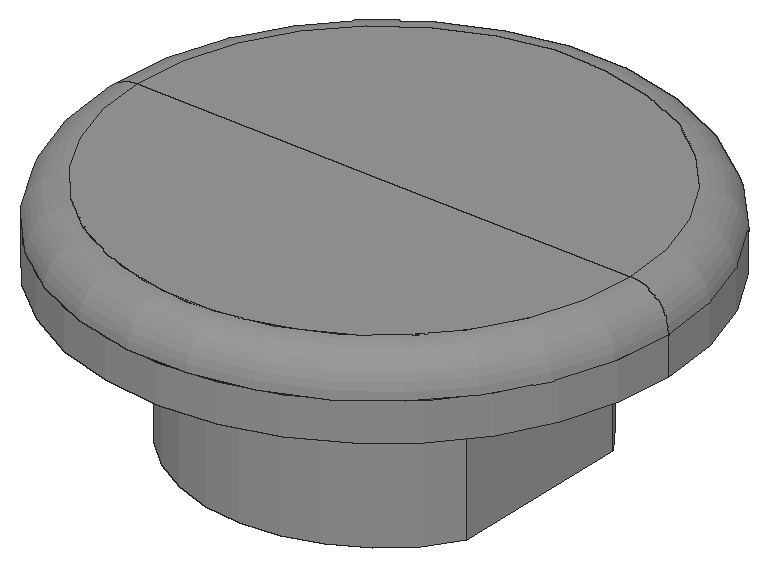
Revit family "ITK_Заглушка FC или ST пластик (черный)", category Обобщенные модели, Revit 2019
Family settings
  Может служить основой для арматурных стержней = Нет
  Размер круглого соединителя = Использовать диаметр
  Тип детали = Нормальный
  На основе рабочей плоскости = Нет
  Всегда вертикально = Да
  При загрузке вырезать с полостями = Нет
  Общий = Нет
  Точка расчета площади = Нет
Parameters (values of type "FOBX-Z-FC")
  Степень защиты = ""
  Материал = Окраска - RAL 9005
  Изготовитель = "ITK"  # constant formula
  Дата изменения = ""
  Тип монтажа = ""  # constant formula
  URL = "https://www.iek.ru/"
  KSI_CPr_Строительные изделия = "61.1.04.08"  # constant formula
  KSI_CMa_Строительные материалы = "01.7.14.03"  # constant formula
  IEK_Цена за единицу = 15.77
  IEK_Поиск в таблице имен = ""
  IEK_Описание = "Изготовлены из высококачественных материалов.\r\nСоответствие международным стандартам и ГОСТ Р."
  IEK_URL = "https://www.itk-group.ru/produktsiya/catalog/oborudovanie_telekommunikatsionnoe/komponenty_sks_opticheskie/komponenty_sks_opticheskie/opticheskie_krossy_19/itk_zaglushka_fc_ili_st_plastik_chernyy"
  ADSK_Примечание = ""
  ADSK_Позиция [instance] = ""
  ADSK_Наименование = "ITK Заглушка FC или ST пластик (черный)"
  ADSK_Материал обозначение = ""
  ADSK_Материал наименование = "Пластик"  # constant formula
  ADSK_Масса = 0
  ADSK_Марка = ""  # constant formula
  ADSK_Код изделия = "FOBX-Z-FC"
  ADSK_Завод-изготовитель = "IEK"  # constant formula
  ADSK_Единица измерения = "шт"  # constant formula
  ADSK_Группирование = "I. ЩИТЫ И ПУЛЬТЫ"  # constant formula
  ADSK_Версия семейства = "1.0"  # constant formula
  ADSK_Версия Revit = "2019"  # constant formula
  ADSK_URL страницы изделия = "https://www.itk-group.ru/produktsiya/catalog/oborudovanie_telekommunikatsionnoe/komponenty_sks_opticheskie/komponenty_sks_opticheskie/opticheskie_krossy_19/?pagec=30"
Reference planes
  plane 1 "По центру (Вперед/Назад)": y = 0
  plane 2: z = 0
  plane 3 "По центру (Влево/Вправо)": x = 0
  plane 4: x = -62.5
  plane 5: x = 62.5
Forms (mm)
  Revolve 1, solid, material "Окраска - RAL 9005" <- "Материал", detail levels fine
    sketch origin (0, 0, 0) x (1, 0, 0) y (0, 0, 1)
      loop
        line (7.5, 4) -> (7.5, 5)
        arc (7.5, 5) -> (7.207, 5.707) -> (6.5, 6) r 1
        line (6.5, 6) -> (0, 6) -> (0, 4) -> (7.5, 4)
      axis (0, 6) -> (0, 4)
    angle from 0 to 360
  Extrusion 2, solid, material "Окраска - RAL 9005" <- "Материал", detail levels fine
    sketch origin (0, 0, 0) x (1, 0, 0) y (0, 1, 0)
      loop
        arc (-4.1, -2.398) -> (0, -4.757) -> (4.1, -2.398) r 4.743
        line (4.1, -2.398) -> (4.1, 2.398)
        arc (4.1, 2.398) -> (0, 4.757) -> (-4.1, 2.398) r 4.743
        line (-4.1, 2.398) -> (-4.1, -2.398)
    from 0 to 4
  Extrusion 3, solid, material "Условный материал-отделка", detail levels coarse+medium
    sketch origin (0, 0, 0) x (1, 0, 0) y (0, 1, 0)
      loop
        circle (0, 0) r 7.5
    from 0 to 5.999
Dimensions and locks
  equal spacing: plane 5, plane 3 "По центру (Влево/Вправо)", plane 4
  plane 5 to plane 4 = 125 mm
  aligned and locked: level to plane 2
  aligned and locked: Extrusion 3 sketch curve to Revolve 1  (x2)
Automatic sketch dimensions
  Revolve 1 sketch curve to plane 3 "По центру (Влево/Вправо)" = 0 mm  (x2)
  plane 3 "По центру (Влево/Вправо)" to Revolve 1 sketch curve = 6.5 mm
  Revolve 1 sketch curve to Revolve 1 sketch curve = 1 mm  (x2)
  Revolve 1 sketch curve to level = 366.045 mm
  Extrusion 2 sketch curve to plane 3 "По центру (Влево/Вправо)" = 0 mm  (x2)
  plane 1 "По центру (Вперед/Назад)" to Extrusion 2 sketch curve = 2.398 mm
  plane 1 "По центру (Вперед/Назад)" to Extrusion 2 sketch curve = 0.015 mm
  Extrusion 2 sketch curve to plane 1 "По центру (Вперед/Назад)" = 0.015 mm
  Extrusion 2 sketch curve to plane 1 "По центру (Вперед/Назад)" = 2.398 mm  (x2)
  level to Revolve 1 sketch curve = 4 mm
  Extrusion 2 sketch curve to plane 3 "По центру (Влево/Вправо)" = 4.1 mm
  Revolve 1 sketch curve to Revolve 1 sketch curve = 2208.315 mm
